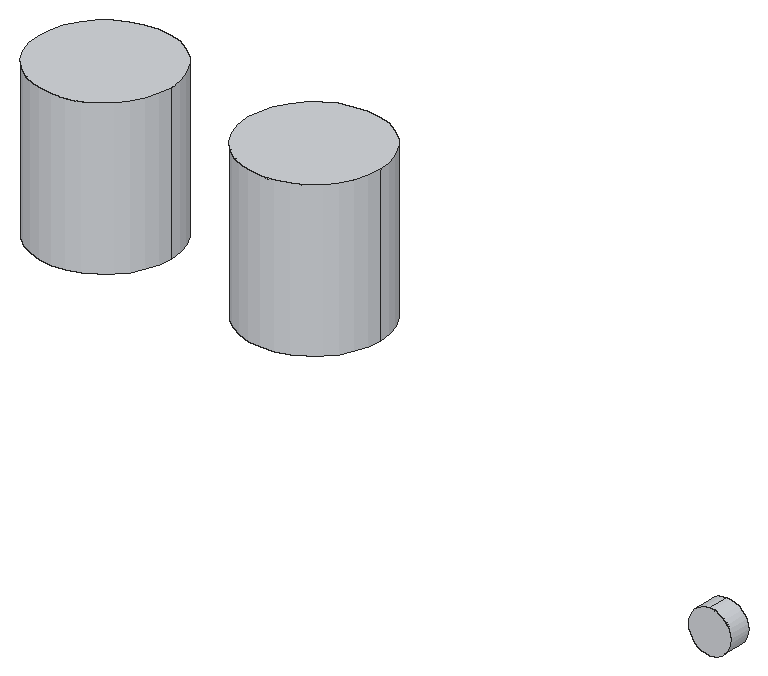
Revit family "M3_001_BIM", category HLS-Bauteile, Revit 2018
Family settings
  Bemaßung runder Anschluss = Durchmesser verwenden
  Klassifizierung = Keine
  Teiletyp = Normal
  OmniClass-Nummer = 23.65.35.11.14
  OmniClass-Titel = Instantaneous Water Heaters
  Arbeitsebenenbasiert = Nein
  Immer vertikal = Ja
  Beim Laden mit Abzugskörper schneiden = Nein
  Gemeinsam genutzt = Nein
  Raumberechnungspunkt = Nein
Parameters (values of type "Norm")
  Verbindung_2_Durchmesser = 0 mm
  Verbindung_1_Durchmesser = 0 mm
  URL = "https://www.clage.de/de/Produkte/E-Kleindurchlauferhitzer/MBH"
  Modell = "MBH"
  Hersteller = "Clage GmbH"
  Beschreibung = "E-Kleindurchlauferhitzer"
Reference planes
  plane 1 "Mitte (Vorne/Hinten)": y = 0
  plane 2: z = 0
  plane 3 "Mitte (Links/Rechts)": x = 0
Forms (mm)
  Extrusion 1, solid
    sketch origin (-15, -7.5, 86.997) x (1, 0, 0) y (0, 1, 0)
      loop
        circle (0, 0) r 9.525
    from 0 to -22.053
  Extrusion 2, solid
    sketch origin (15, -7.5, 86.997) x (1, 0, 0) y (0, 1, 0)
      loop
        circle (0, 0) r 9.525
    from 0 to -22.053
  Extrusion 3, solid
    sketch origin (63.017, 6.6, 36.189) x (0, 0, 1) y (1, 0, 0)
      loop
        circle (0, 0) r 3.048
    from 0 to -3.048
Dimensions and locks
  aligned and locked: level to plane 2
Connectors
  piping at (-15, -7.5, 86.997), diameter 9.5
    settings: on Extrusion 1, index 1, connector inside diameter 609.6 mm, connector length 0 mm, flow factor 0, pipe flow 2.0 L/s, pressure drop 99000.0 Pa, fitting loss kfactor 0, connector angle 0.00°, fixture units 0, engagement length 0 mm, angle of deflection 0.00°, flow configuration 1, flow direction 1, fitting loss method 4, system type 20, joint type 0, gender type 0, connector reference index -1, connector utility 0, adjustable connector no, is connector primary yes, connector description ""
  piping at (15, -7.5, 86.997), diameter 9.5
    settings: on Extrusion 2, index 2, connector inside diameter 609.6 mm, connector length 0 mm, flow factor 0, pipe flow 2.0 L/s, pressure drop 99000.0 Pa, fitting loss kfactor 0, connector angle 0.00°, fixture units 0, engagement length 0 mm, angle of deflection 0.00°, flow configuration 1, flow direction 2, fitting loss method 4, system type 19, joint type 0, gender type 0, connector reference index -1, connector utility 0, adjustable connector no, is connector primary no, connector description ""
  electrical at (63.017, 6.6, 36.189)
    settings: on Extrusion 3, index 3, voltage 230 V, apparent load 0 VA, apparent load phase1 0 VA, apparent load phase2 0 VA, apparent load phase3 0 VA, power factor 0, load classification "Sonstige", number of poles 1, system type 30, power factor state 1, is connector primary yes, connector utility no, sub classification motor no, connector description ""
